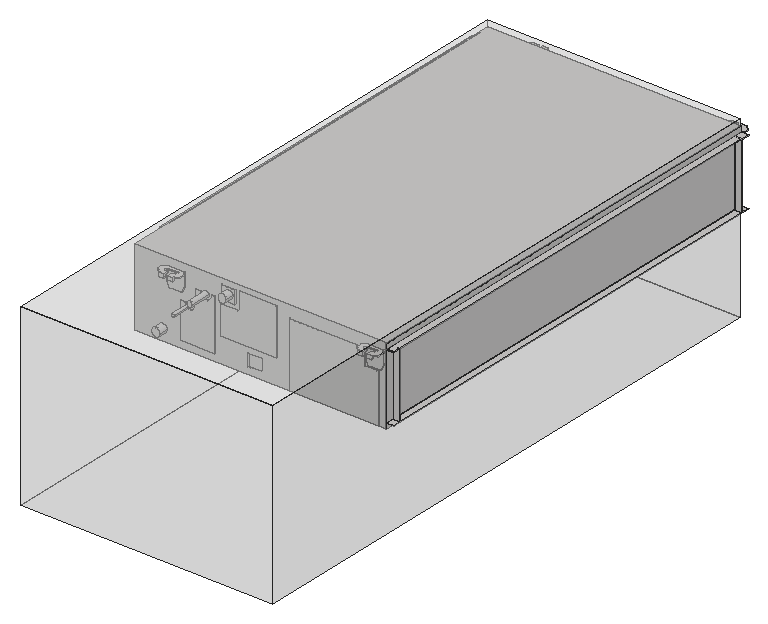
Revit family "outputfile", category 機械設備, Revit 2024
Family settings
  丸型コネクタ寸法 = 半径を使用
  パーツ タイプ = 標準
  OmniClass 番号 = 23.75.10.24.21.27.27
  OmniClass タイトル = Split System Air Conditioning Units
  作業面ベース = いいえ
  常に垂直 = はい
  ロード時にボイドで切り取り = いいえ
  注釈の向きを維持 = いいえ
  共有 = いいえ
  部屋計算ポイント = はい
Parameters (values of type "FBA100BVMA8")
  製造元 = "Daikin"
  書き出し IFC クラス(タイプ) = "IfcUnitaryEquipmentType"
  定義済み IFC タイプ(タイプ) = "AIRCONDITIONINGUNIT"
  モデル = "FBA100BVMA8"
  switch_frequency = yes
  r_Liquid Pipe Size = Liquid Pipe Size / 2  # 4.75 mm
  r_Gas Pipe Size = Gas Pipe Size / 2  # 7.95 mm
  r_Drain Pipe Size = Drain Pipe Size / 2  # 12.5 mm
  lw_power = 770.0 mm  # constant formula
  lh_SA = 138.0 mm  # constant formula
  lw_SA = if(Width = 550.0 mm, 225.0 mm, if(Width = 700.0 mm, 300.0 mm, if(Width = 1000.0 mm, 450.0 mm, if(Width = 1400.0 mm, 650.0 mm, 725.0 mm))))  # 650.0 mm
  lw_RA = if(Width = 550.0 mm, 275.0 mm, if(Width = 700.0 mm, 349.0 mm, if(Width = 1000.0 mm, 499.0 mm, if(Width = 1400.0 mm, 699.0 mm, 775.0 mm))))  # 699.0 mm
  lh_power = 60.0 mm + [h***]  # 60.0 mm
  lh_mountinghole1 = lh_mountinghole + [h***]  # 222.0 mm
  lh_RA = 123.0 mm  # constant formula
  ld_power = Width / 2  # 700.0 mm
  connector_voltage = Voltage_50Hz  # 230 V
  connector_powerinput = [Power Input (Cooling)]  # 2.790 kW
  connector_phase = Phase_50Hz  # 1
  Voltage_comment_60Hz = "220-230"
  Voltage_comment_50Hz = "220-240"
  Voltage_60Hz = 220 V
  Voltage_50Hz = 230 V
  Total Heating Capacity [instance] = 0.000 kW
  Supply Air Direction [instance] = yes
  Sound Power Level_H speed (dB) = 66
  Power Input (Heating) = 2.920 kW
  Phase_60Hz = 1
  Phase_50Hz = 1
  Nominal Heating Capacity = 12.000 kW
  Minimum External Static Pressure = 50.00 Pa
  Maximum External Static Pressure = 150.00 Pa
  Material_Casing = DAIKIN_GalvanizedSteel_Casing_indoorunit
  lw_mountinghole = 630.0 mm  # constant formula
  lh_gaspipe = 183.0 mm + [h***]  # 183.0 mm
  lh_mountinghole = 222.0 mm  # constant formula
  lh_liquidpipe = 136.0 mm + [h***]  # 136.0 mm
  lh_drainpipe = 207.0 mm + [h***]  # 207.0 mm
  lh_antena = Height - lh_mountinghole + 1.0 mm  # 24.0 mm
  ld_drainpipe = Width / 2 + 26.0 mm  # 726.0 mm
  ld_liquidpipe = Width / 2 + 69.0 mm  # 769.0 mm
  ld_gaspipe = Width / 2 + 65.0 mm  # 765.0 mm
  ld_mountinghole = Width + 38.0 mm  # 1438.0 mm
  h*** = 0.0 mm  # constant formula
  lw_liquidpipe = 179.0 mm  # constant formula
  lw_gaspipe = 229.0 mm  # constant formula
  lw_drainpipe = 300.0 mm  # constant formula
  Width = 1400.0 mm
  Version = "ver.1.0"
  Unit Type = "Duct"
  Unit Mass Weight = 47.00 kg
  Unit Designation [instance] = ""
  Uniclass2015Version = "Products v1.30"
  Uniclass2015Title = "Split coil room air conditioning units"
  Uniclass2015Code = "Pr_70_65_03_86"
  Total Cooling Capacity [instance] = 0.000 kW
  Sound Pressure Level_M speed (dBA) = 35.5
  Sound Pressure Level_L speed (dBA) = 33
  Sound Pressure Level_H speed (dBA) = 38
  Series = "SkyAir_Fan Coil Unit"
  Sensible Cooling Capacity [instance] = 0.000 kW
  SA Duct Size Width = 1192.0 mm
  SA Duct Size Height = 176.0 mm
  Refrigerant Type = "R32"
  RA Duct Size Width = 1352.0 mm
  RA Duct Size Height = 208.0 mm
  Power Input (Cooling) = 2.790 kW
  Option Accessory 3 [instance] = ""
  Option Accessory 2 [instance] = ""
  Option Accessory 1 [instance] = ""
  Nominal Cooling Capacity = 10.000 kW
  Minimum Airflow = 1350.00 m³/h
  Median Airflow = 1620.00 m³/h
  Maximum Airflow = 1920.00 m³/h
  Load Classification = HVAC
  Liquid Pipe Size = 9.5 mm
  Link_Nested Family [instance] = ""
  IfcVersion = ""
  IfcExportType = "AIRCONDITIONINGUNIT"
  IfcExportAs = "IfcUnitaryEquipmentType"
  Height = 245.0 mm
  Heating Entering Wet Bulb Temperature [instance] = -273.15 °C
  Heating Entering Dry Bulb Temperature [instance] = -273.15 °C
  Heating Ambient Wet Bulb Temperature [instance] = -273.15 °C
  Heating Ambient Dry Bulb Temperature [instance] = -273.15 °C
  Heat Exchanger Type = "Cross Fin Coil"
  Gas Pipe Size = 15.9 mm
  Frequency_60Hz = 60 Hz
  Frequency_50Hz = 50 Hz
  Fan Type = "Sirocco Fan"
  Fan Drive = "Direct Drive"
  FCU Tag No. [instance] = ""
  Drain Pipe Size = 25.0 mm
  Design Supply Airflow [instance] = 0.00 m³/h
  Design Return Airflow [instance] = 0.00 m³/h
  Design External Static Pressure [instance] = 0.00 Pa
  Depth = 800.0 mm
  既定の高さ = 0.0 mm
  Cooling Entering Wet Bulb Temperature [instance] = 0.00 °C
  Cooling Entering Dry Bulb Temperature [instance] = 0.00 °C
  Cooling Ambient Wet Bulb Temperature [instance] = 0.00 °C
  Cooling Ambient Dry Bulb Temperature [instance] = 0.00 °C
  Clearance visibility [instance] = yes
  Clearance Top = 20.0 mm
  Clearance Right = 0.0 mm
  Clearance Rear = 0.0 mm
  Clearance Left = 0.0 mm
  Clearance Front = 450.0 mm
  Clearance Bottom = 300.0 mm
Reference planes
  plane 1 "Center (Front/Back)": y = 0
  plane 2 "h": z = 0
  plane 3 "Center (Left/Right)": x = 0
  plane 4 "Back": y = 700
  plane 5 "Front": y = -700
  plane 6 "Left": x = -400
  plane 7 "Right": x = 400
  plane 8 "Top": z = 0
  plane 9 "Bottom": z = -245
  plane 10: y = -215
  plane 11: y = 700
  plane 12: y = -1150
  plane 13: x = -400
  plane 14: x = 400
  plane 15: z = 20
  plane 16: z = -545
  plane 17: x = -400
  plane 18: x = -399
  plane 19: x = 399
  plane 20: y = 50
  plane 21: y = -1
  plane 22: z = -122
  plane 23: y = -701
  plane 24: z = -109
  plane 25: x = -221
  plane 26: y = -765
  plane 27: z = -62
  plane 28: x = -171
  plane 29: y = -726
  plane 30: z = -38
  plane 31: x = -100
  plane 32: x = -100
  plane 33: x = -221
  plane 34: x = -171
  plane 35: x = 370
  plane 36: x = -266
  plane 37: x = 364
  plane 38: y = -719
  plane 39: y = 719
  plane 40: z = -23
  plane 41: z = -107
  plane 42: y = -769
  plane 43: z = -207
  plane 44: x = -309
  plane 45: y = -376
  plane 46: x = -251
  plane 47: x = -203
  plane 48: x = -144
  plane 49: z = -59
  plane 50: z = -106
  plane 51: z = -221
  plane 52: z = -109
  plane 53: x = -221
  plane 54: z = -62
  plane 55: x = -171
  plane 56: z = -17
  plane 57: z = -59
  plane 58: x = -121
  plane 59: x = -79
  plane 60: x = -125
  plane 61: x = -64
  plane 62: x = 53
  plane 63: z = -164
  plane 64: z = -73
  plane 65: z = -16
  plane 66: x = 93.5
  plane 67: x = 374.5
  plane 68: x = 330
  plane 69: z = -88.5
  plane 70: z = -38
  plane 71: z = -242.5
  plane 72: x = -38.5
  plane 73: x = 6.5
  plane 74: z = -181
  plane 75: z = -221
  plane 76: y = -699
  plane 77: x = -424
  plane 78: x = 424
Forms (mm)
  Extrusion 1, solid, material "DAIKIN_GalvanizedSteel_Casing_indoorunit" <- "Material_Casing"
    sketch origin (0, 0, 0) x (1, 0, 0) y (0, 1, 0)
      loop
        line (-399, 700) -> (-399, -700) -> (399, -700) -> (399, 700) -> (-399, 700)
    from -245 to 0
  Extrusion 2, solid, material "DAIKIN_GalvanizedSteel_Casing_indoorunit" <- "Material_Casing"
    sketch origin (0, 0, 0) x (1, 0, 0) y (0, 0, 1)
      loop
        line (-251, -221) -> (-144, -221) -> (-144, -59) -> (-154.47, -59)
        arc (-154.47, -59) -> (-171, -78.8) -> (-187.53, -59) r 16.8
        line (-187.53, -59) -> (-203, -59) -> (-203, -106) -> (-206.916, -106)
        arc (-206.916, -106) -> (-221, -123.4) -> (-235.084, -106) r 14.4
        line (-235.084, -106) -> (-251, -106) -> (-251, -221)
    from 700 to 701
  Extrusion 3, solid, material "DAIKIN_GalvanizedSteel_Casing_indoorunit" <- "Material_Casing"
    sketch origin (0, 0, 0) x (1, 0, 0) y (0, 0, 1)
      loop
        line (-121, -17) -> (-121, -59) -> (-79, -59) -> (-79, -17) -> (-121, -17)
      loop
        line (-125, -73) -> (-125, -164) -> (53, -164) -> (53, -16) -> (-64, -16) -> (-64, -73) -> (-125, -73)
    from 700 to 701
  Extrusion 4, solid, material "DAIKIN_GalvanizedSteel_Casing_indoorunit" <- "Material_Casing"
    sketch origin (0, 0, 0) x (1, 0, 0) y (0, 0, 1)
      loop
        line (93.5, -38) -> (93.5, -242.5) -> (374.5, -242.5) -> (374.5, -88.5) -> (330, -88.5) -> (330, -38) -> (93.5, -38)
    from 700 to 701
  Extrusion 5, solid, material "DAIKIN_GalvanizedSteel_Casing_indoorunit" <- "Material_Casing"
    sketch origin (0, 0, 0) x (1, 0, 0) y (0, 0, 1)
      loop
        circle (-221, -109) r 4.75
    from 700 to 769
  Extrusion 6, solid, material "DAIKIN_GalvanizedSteel_Casing_indoorunit" <- "Material_Casing"
    sketch origin (0, 0, 0) x (1, 0, 0) y (0, 0, 1)
      loop
        circle (-171, -62) r 7.95
    from 700 to 765
  Extrusion 7, solid, material "DAIKIN_GalvanizedSteel_Casing_indoorunit" <- "Material_Casing"
    sketch origin (0, 0, 0) x (1, 0, 0) y (0, 0, 1)
      loop
        circle (-100, -38) r 12.5
    from 701 to 726
  Extrusion 8, solid, material "DAIKIN_GalvanizedSteel_Casing_indoorunit" <- "Material_Casing"
    sketch origin (0, 0, 0) x (1, 0, 0) y (0, 0, 1)
      loop
        circle (-309, -207) r 13
    from 700 to 726
  Extrusion 9, void
    sketch origin (0, 0, 0) x (1, 0, 0) y (0, 0, 1)
      loop
        line (-38.5, -181) -> (-38.5, -221) -> (6.5, -221) -> (6.5, -181) -> (-38.5, -181)
    from 699 to 700
Cuts and joins
  Extrusion 9 cuts Extrusion 1
Dimensions and locks
  "Height": plane 8 "Top" to plane 9 "Bottom"
  equal spacing: plane 4 "Back", plane 1 "Center (Front/Back)", plane 5 "Front"
  "Width": plane 4 "Back" to plane 5 "Front"
  equal spacing: plane 6 "Left", plane 3 "Center (Left/Right)", plane 7 "Right"
  "Depth": plane 6 "Left" to plane 7 "Right"
  "Clearance Left": plane 13 to plane 6 "Left"
  "Clearance Right": plane 7 "Right" to plane 14
  "Clearance Rear": plane 11 to plane 4 "Back"
  "Clearance Front": plane 5 "Front" to plane 12
  "Clearance Top": plane 15 to plane 8 "Top"
  "Clearance Bottom": plane 9 "Bottom" to plane 16
  locked: plane 17 to plane 18 at 1
  locked: plane 19 to plane 14 at 1
  "lw_SA": plane 11 to plane 20
  "lw_RA": plane 21 to plane 5 "Front"
  "lh_RA": plane 22 to plane 9 "Bottom"
  locked: plane 5 "Front" to plane 23 at 1
  "lw_liquidpipe": plane 25 to plane 6 "Left"
  "lh_liquidpipe": plane 24 to plane 9 "Bottom"
  "lh_gaspipe": plane 27 to plane 9 "Bottom"
  "lw_gaspipe": plane 28 to plane 6 "Left"
  "ld_gaspipe": plane 26 to plane 1 "Center (Front/Back)"
  "ld_drainpipe": plane 29 to plane 1 "Center (Front/Back)"
  "lh_drainpipe": plane 30 to plane 9 "Bottom"
  "lw_drainpipe": plane 31 to plane 6 "Left"
  "lw_drainpipe": plane 6 "Left" to plane 32
  "lw_liquidpipe": plane 6 "Left" to plane 33
  "lw_gaspipe": plane 6 "Left" to plane 34
  "lw_power": plane 6 "Left" to plane 35
  locked: plane 17 to plane 36 at 134
  "lw_mountinghole": plane 36 to plane 37
  equal spacing: plane 38, plane 1 "Center (Front/Back)", plane 39
  "ld_mountinghole": plane 39 to plane 38
  "lh_mountinghole": plane 40 to plane 9 "Bottom"
  "lh_SA": plane 41 to plane 9 "Bottom"
  locked: plane 44 to plane 6 "Left" at 91
  locked: plane 43 to plane 9 "Bottom" at 38
  plane 48 to plane 47 to plane 46 to plane 6 "Left" = 59.0 mm, 48.0 mm, 149.0 mm
  plane 8 "Top" to plane 49 to plane 50 to plane 51 = 59.0 mm locked, 47.0 mm locked, 115.0 mm locked
  plane 55 to plane 53 to plane 6 "Left" = 50.0 mm locked, 179.0 mm locked
  plane 54 to plane 52 to plane 9 "Bottom" = 47.0 mm locked, 136.0 mm locked
  plane 59 to plane 58 to plane 6 "Left" = 42.0 mm locked, 279.0 mm locked
  plane 8 "Top" to plane 56 to plane 57 = 17.0 mm locked, 42.0 mm locked
  plane 62 to plane 61 to plane 60 to plane 6 "Left" = 117.0 mm, 61.0 mm, 275.0 mm
  plane 8 "Top" to plane 65 to plane 64 = 16.0 mm locked, 57.0 mm locked
  locked: plane 65 to plane 63 at 148
  plane 8 "Top" to plane 70 to plane 69 to plane 71 = 38.0 mm locked, 50.5 mm locked, 154.0 mm locked
  plane 67 to plane 68 to plane 66 to plane 6 "Left" = 44.5 mm locked, 236.5 mm locked, 493.5 mm locked
  plane 8 "Top" to plane 74 to plane 75 = 181.0 mm locked, 40.0 mm locked
  plane 73 to plane 72 to plane 6 "Left" = 45.0 mm, 361.5 mm
  locked: plane 76 to plane 5 "Front" at 1
  locked: plane 77 to plane 17 at 24
  locked: plane 14 to plane 78 at 24
  "ld_liquidpipe": plane 42 to plane 1 "Center (Front/Back)"
  "r_Liquid Pipe Size": radius of Extrusion 5 sketch curve
  "r_Gas Pipe Size": radius of Extrusion 6 sketch curve
  "r_Drain Pipe Size": radius of Extrusion 7 sketch curve
  aligned and locked: level to plane 2 "h"
  aligned and locked: plane 8 "Top" to Extrusion 1
  aligned and locked: Extrusion 1 to plane 9 "Bottom"
  aligned and locked: nested 5 to plane 12
  aligned and locked: plane 13 to nested 5
  aligned and locked: plane 14 to nested 5
  aligned and locked: nested 5 to plane 13
  aligned and locked: plane 11 to nested 5
  aligned and locked: plane 15 to nested 5
  aligned and locked: plane 16 to nested 5
  aligned and locked: plane 5 "Front" to Extrusion 1 sketch curve
  aligned and locked: Extrusion 1 to plane 18
  aligned and locked: plane 19 to Extrusion 1
  aligned and locked: nested 7 to plane 18
  aligned and locked: nested 7 to plane 20
  aligned and locked: plane 19 to nested 8
  aligned and locked: plane 21 to nested 8
  aligned and locked: plane 22 to nested 8
  aligned and locked: Extrusion 2 to plane 23
  aligned and locked: plane 5 "Front" to Extrusion 2
  aligned and locked: Extrusion 3 to plane 23
  aligned and locked: plane 5 "Front" to Extrusion 3
  aligned and locked: plane 5 "Front" to Extrusion 4
  aligned and locked: Extrusion 5 sketch curve to plane 25
  aligned and locked: plane 24 to Extrusion 5 sketch curve
  aligned and locked: plane 5 "Front" to Extrusion 5
  aligned and locked: Extrusion 6 sketch curve to plane 28
  aligned and locked: plane 27 to Extrusion 6 sketch curve
  aligned and locked: plane 5 "Front" to Extrusion 6
  aligned and locked: Extrusion 7 sketch curve to plane 31
  aligned and locked: Extrusion 7 sketch curve to plane 30
  aligned and locked: Extrusion 7 to plane 29
  aligned and locked: plane 23 to Extrusion 7
  aligned and locked: nested 3 to plane 29
  aligned and locked: nested 3 to plane 32
  aligned and locked: nested 2 to plane 33
  aligned and locked: nested 1 to plane 34
  aligned and locked: Extrusion 6 to plane 26
  aligned and locked: nested 1 to plane 26
  aligned and locked: nested 6 to plane 5 "Front"
  aligned and locked: nested 6 to plane 35
  aligned and locked: plane 36 to nested 10
  aligned and locked: nested 10 to plane 5 "Front"
  aligned and locked: plane 37 to nested 9
  aligned and locked: nested 9 to plane 5 "Front"
  aligned and locked: nested 11 to plane 36
  aligned and locked: plane 4 "Back" to nested 11
  aligned and locked: nested 12 to plane 37
  aligned and locked: plane 4 "Back" to nested 12
  aligned and locked: plane 40 to nested 10
  aligned and locked: plane 40 to nested 11
  aligned and locked: plane 40 to nested 9
  aligned and locked: plane 40 to nested 12
  aligned and locked: plane 36 to nested 14
  aligned and locked: nested 14 to plane 39
  aligned and locked: plane 37 to nested 13
  aligned and locked: nested 13 to plane 39
  aligned and locked: plane 37 to nested 16
  aligned and locked: plane 38 to nested 16
  aligned and locked: plane 38 to nested 15
  aligned and locked: plane 36 to nested 15
  aligned and locked: plane 17 to plane 6 "Left"
  aligned and locked: plane 41 to nested 7
  aligned and locked: Extrusion 5 to plane 42
  aligned and locked: nested 2 to plane 42
  aligned and locked: Extrusion 8 sketch curve to plane 44
  aligned and locked: plane 43 to Extrusion 8 sketch curve
  aligned and locked: plane 5 "Front" to Extrusion 8
  aligned and locked: Extrusion 3 sketch curve to plane 56
  aligned and locked: Extrusion 3 sketch curve to plane 58
  aligned and locked: plane 57 to Extrusion 3 sketch curve
  aligned and locked: plane 59 to Extrusion 3 sketch curve
  aligned and locked: Extrusion 4 to plane 23
  aligned and locked: Extrusion 9 sketch curve to plane 74
  aligned and locked: plane 75 to Extrusion 9 sketch curve
  aligned and locked: plane 73 to Extrusion 9 sketch curve
  aligned and locked: plane 5 "Front" to Extrusion 9
  aligned and locked: plane 76 to Extrusion 9
  aligned and locked: nested 17 to plane 20
  aligned and locked: nested 17 to plane 77
  aligned and locked: plane 21 to nested 18
  aligned and locked: plane 78 to nested 18
  aligned and locked: plane 41 to nested 17
  aligned and locked: nested 18 to plane 22
  aligned and locked: nested 4 to plane 3 "Center (Left/Right)"
  aligned and locked: plane 1 "Center (Front/Back)" to nested 4
  aligned and locked: level to plane 8 "Top"
  aligned and locked: Extrusion 8 to plane 29
Automatic sketch dimensions
  plane 6 "Left" to Extrusion 1 sketch curve = 1.0 mm
  Extrusion 1 sketch curve to plane 7 "Right" = 1.0 mm
  Extrusion 1 sketch curve to plane 4 "Back" = 0.0 mm
  Extrusion 2 sketch curve to plane 46 = 0.0 mm
  Extrusion 2 sketch curve to plane 33 = 0.0 mm
  Extrusion 2 sketch curve to plane 47 = 0.0 mm
  Extrusion 2 sketch curve to plane 34 = 0.0 mm
  Extrusion 2 sketch curve to plane 48 = 0.0 mm
  Extrusion 2 sketch curve to plane 51 = 0.0 mm
  Extrusion 2 sketch curve to plane 52 = 0.0 mm
  Extrusion 2 sketch curve to plane 50 = 0.0 mm  (x3)
  Extrusion 2 sketch curve to plane 54 = 0.0 mm
  Extrusion 2 sketch curve to plane 49 = 0.0 mm  (x3)
  plane 33 to Extrusion 2 sketch curve = 14.084 mm
  plane 34 to Extrusion 2 sketch curve = 16.53 mm
  Extrusion 3 sketch curve to plane 60 = 0.0 mm
  Extrusion 3 sketch curve to plane 61 = 0.0 mm
  Extrusion 3 sketch curve to plane 62 = 0.0 mm
  Extrusion 3 sketch curve to plane 63 = 0.0 mm
  Extrusion 3 sketch curve to plane 64 = 0.0 mm
  Extrusion 3 sketch curve to plane 65 = 0.0 mm
  Extrusion 4 sketch curve to plane 66 = 0.0 mm
  Extrusion 4 sketch curve to plane 68 = 0.0 mm
  Extrusion 4 sketch curve to plane 67 = 0.0 mm
  Extrusion 4 sketch curve to plane 71 = 0.0 mm
  Extrusion 4 sketch curve to plane 69 = 0.0 mm
  Extrusion 4 sketch curve to plane 70 = 0.0 mm
  Extrusion 9 sketch curve to plane 72 = 0.0 mm
  radius of Extrusion 8 sketch curve = 13.0 mm
Nested families
  nested 1: "daikin_connector_rotate2" at (-171, 0, -62), length <- "ld_gaspipe", built-in parameter 1001364 <- "lh_gaspipe", radius <- "r_Gas Pipe Size", type "daikin_connector_rotate2"
    with radius 7.95 mm, length 765.0 mm, angle_vertical 90.00°
  nested 2: "daikin_connector_rotate2" at (-221, 0, -109), length <- "ld_liquidpipe", built-in parameter 1001364 <- "lh_liquidpipe", radius <- "r_Liquid Pipe Size", type "daikin_connector_rotate2"
    with radius 4.75 mm, length 769.0 mm, angle_vertical 90.00°
  nested 3: "daikin_connector_rotate2" at (-100, 0, -38), length <- "ld_drainpipe", built-in parameter 1001364 <- "lh_drainpipe", radius <- "r_Drain Pipe Size", type "daikin_connector_rotate2"
    with radius 12.5 mm, length 726.0 mm, angle_vertical 90.00°
  nested 4: "daikin_△_symbolicline" at (0, 0, 245) x (0, -1, 0) z (0, 0, 1), built-in parameter 1001364 <- "Height", visible <- "Supply Air Direction", type "daikin_△_symbolicline"
    with length 200.0 mm
  nested 5: "daikin_clearancespace" at (0, -225, -262.381), visible <- "Clearance visibility", show <- "Clearance visibility", Link_Nested Family <- "Link_Nested Family", type "daikin_clearancespace"
    with width 800.0 mm, show yes, height 565.0 mm, depth 1850.0 mm, Link_Nested Family ""
  nested 6: "daikin_connector_rotate2" at (370, 0, -185), built-in parameter 1001364 <- "lh_power", length <- "ld_power", type "daikin_connector_rotate2"
    with radius 10.0 mm, length 700.0 mm, angle_vertical 90.00°
  nested 7: "daikin_ductflange_FBA-BVMA8_2" at (-399, 50, -107) x (0, -1, 0) z (0, 0, 1), type "daikin_ductflange_FBA-BVMA8_2"
  nested 8: "daikin_ductflange_FBA-BVMA8" at (399, -1, -122) x (0, 1, 0) z (0, 0, 1), type "daikin_ductflange_FBA-BVMA8"
    with width 1352.0 mm, lw 25.0 mm, w 1400.0 mm
  nested 9: "daikin_hangerfixture_FBA-BVMA8" at (364, -700, -23), type "daikin_hangerfixture_FBA-BVMA8"
  nested 10: "daikin_hangerfixture_FBA-BVMA8" at (-266, -700, -23), type "daikin_hangerfixture_FBA-BVMA8"
  nested 11: "daikin_hangerfixture_FBA-BVMA8" at (-266, 700, -23) x (-1, 0, 0) z (0, 0, 1), type "daikin_hangerfixture_FBA-BVMA8"
  nested 12: "daikin_hangerfixture_FBA-BVMA8" at (364, 700, -23) x (-1, 0, 0) z (0, 0, 1), type "daikin_hangerfixture_FBA-BVMA8"
  nested 13: "daikin_mountinghole" at (364, 719, -245), h_mountinghole <- "lh_mountinghole1", l_antenna <- "lh_antena", Link_Nested Family <- "Link_Nested Family", type "daikin_mountinghole"
    with show yes, l_antenna 24.0 mm, h_mountinghole 222.0 mm, Link_Nested Family ""
  nested 14: "daikin_mountinghole" at (-266, 719, -245), h_mountinghole <- "lh_mountinghole1", l_antenna <- "lh_antena", Link_Nested Family <- "Link_Nested Family", type "daikin_mountinghole"
    with show yes, l_antenna 24.0 mm, h_mountinghole 222.0 mm, Link_Nested Family ""
  nested 15: "daikin_mountinghole" at (-266, -719, -245), h_mountinghole <- "lh_mountinghole1", l_antenna <- "lh_antena", Link_Nested Family <- "Link_Nested Family", type "daikin_mountinghole"
    with show yes, l_antenna 24.0 mm, h_mountinghole 222.0 mm, Link_Nested Family ""
  nested 16: "daikin_mountinghole" at (364, -719, -245), h_mountinghole <- "lh_mountinghole1", l_antenna <- "lh_antena", Link_Nested Family <- "Link_Nested Family", type "daikin_mountinghole"
    with show yes, l_antenna 24.0 mm, h_mountinghole 222.0 mm, Link_Nested Family ""
  nested 17: "daikin_connector_rotate2" at (-400, 50, -107) x (0, -1, 0) z (0, 0, 1), type "daikin_connector_rotate2"
    with radius 10.0 mm, length 24.0 mm, angle_vertical 90.00°
  nested 18: "daikin_connector_rotate2" at (400, -1, -122) x (0, 1, 0) z (0, 0, 1), type "daikin_connector_rotate2"
    with radius 10.0 mm, length 24.0 mm, angle_vertical 90.00°
Connectors
  piping at (-100, -726, -38), diameter 25, driven by "r_Drain Pipe Size"
    settings: on nested 3, index 3, connector inside diameter 609.6 mm, connector length 0.0 mm, flow factor 0, pipe flow 0.00 m³/h, pressure drop 0.0 Pa, fitting loss kfactor 0, connector angle 0.00°, fixture units 0, engagement length 0.0 mm, angle of deflection 0.00°, flow configuration 1, flow direction 2, fitting loss method 4, system type 16, joint type 0, gender type 0, connector reference index -1, connector utility 0, adjustable connector no, is connector primary yes, connector description "Condensate Drain Piping"
  piping at (-171, -765, -62), diameter 15.9, driven by "r_Gas Pipe Size"
    settings: on nested 1, index 4, connector inside diameter 609.6 mm, connector length 0.0 mm, flow factor 0, pipe flow 0.00 m³/h, pressure drop 0.0 Pa, fitting loss kfactor 0, connector angle 0.00°, fixture units 0, engagement length 0.0 mm, angle of deflection 0.00°, flow configuration 1, flow direction 2, fitting loss method 0, system type 29, joint type 0, gender type 0, connector reference index -1, connector utility 0, adjustable connector no, is connector primary no, connector description "Refrigerant Gas Piping"
  piping at (-221, -769, -109), diameter 9.5, driven by "r_Liquid Pipe Size"
    settings: on nested 2, index 5, connector inside diameter 609.6 mm, connector length 0.0 mm, flow factor 0, pipe flow 0.00 m³/h, pressure drop 0.0 Pa, fitting loss kfactor 0, connector angle 0.00°, fixture units 0, engagement length 0.0 mm, angle of deflection 0.00°, flow configuration 1, flow direction 1, fitting loss method 0, system type 29, joint type 0, gender type 0, connector reference index -1, connector utility 0, adjustable connector no, is connector primary no, connector description "Refrigerant Liquid Piping"
  electrical at (370, -700, -185), driven by "Load Classification", driven by "connector_voltage", driven by "connector_phase", driven by "connector_powerinput"
    settings: on nested 6, index 6, voltage 230 V, apparent load 2790 VA, apparent load phase1 0 VA, apparent load phase2 0 VA, apparent load phase3 0 VA, power factor 1, load classification "HVAC", number of poles 1, system type 30, power factor state 1, is connector primary yes, connector utility no, sub classification motor no, connector description "Power Supply"
  hvac at (-424, 50, -107), driven by "SA Duct Size Height", driven by "SA Duct Size Width"
    settings: on nested 17, index 7, duct flow 0.00 m³/h, flow factor 0, pres drop 0.00 Pa, loss coef 0, conn angle 0.00°, conn width 1192.0 mm, conn height 176.0 mm, conn diameter 609.6 mm, duct sys type 1, conn prof type 1, flow config 0, flow direction 2, loss method 4, conn ref index -1, conn util no, is conn primary yes, conn desc "SA Duct"
  hvac at (424, -1, -122), driven by "RA Duct Size Height", driven by "RA Duct Size Width"
    settings: on nested 18, index 8, duct flow 0.00 m³/h, flow factor 0, pres drop 0.00 Pa, loss coef 0, conn angle 0.00°, conn width 1352.0 mm, conn height 208.0 mm, conn diameter 609.6 mm, duct sys type 2, conn prof type 1, flow config 0, flow direction 1, loss method 4, conn ref index -1, conn util no, is conn primary no, conn desc "RA Duct"
Definition of nested family "daikin_clearancespace"
  Parameters (values of type "daikin_clearancespace")
    Description = "daikin_clearancespace"
    width [instance] = 1823.963 mm
    show [instance] = yes
    material = none
    height [instance] = 1359.762 mm
    depth [instance] = 880.0 mm
    Default Elevation = 0.0 mm
    Link_Nested Family [instance] = ""
  Reference planes
    plane 1 "Center (Front/Back)": y = 0
    plane 2 "Center (Elevation)": z = -0.119
    plane 3 "Center (Left/Right)": x = 0
    plane 4: y = 440
    plane 5: y = -440
    plane 6 "Right": x = 911.982
    plane 7 "Left": x = -911.982
    plane 8 "Top": z = 679.762
    plane 9 "Bottom": z = -680
  Forms (mm)
    Extrusion 1, solid, material <- "material", visible <- "show"
      sketch origin (0, 0, 0) x (1, 0, 0) y (0, 1, 0)
        loop
          line (-911.982, 440) -> (-911.982, -440) -> (911.982, -440) -> (911.982, 440) -> (-911.982, 440)
      from -680 to 679.762
  Lines and regions (mm)
    symbolic lines, visible <- "show"
      curve 1: line (911.982, 440, 0) -> (-911.982, 440, 0)
      curve 2: line (-911.982, 440, 0) -> (-911.982, -440, 0)
      curve 3: line (-911.982, -440, 0) -> (911.982, -440, 0)
      curve 4: line (911.982, -440, 0) -> (911.982, 440, 0)
      curve 5: line (911.982, 0, 679.762) -> (-911.982, 0, 679.762)
      curve 6: line (911.982, 0, -680) -> (911.982, 0, 679.762)
      curve 7: line (-911.982, 0, -680) -> (911.982, 0, -680)
      curve 8: line (-911.982, 0, 679.762) -> (-911.982, 0, -680)
      curve 9: line (0, 440, 679.762) -> (0, -440, 679.762)
      curve 10: line (0, -440, 679.762) -> (0, -440, -680)
      curve 11: line (0, 440, -680) -> (0, 440, 679.762)
      curve 12: line (0, -440, -680) -> (0, 440, -680)
  Dimensions and locks
    "width": plane 7 "Left" to plane 6 "Right"
    "depth": plane 4 to plane 5
    "height": plane 8 "Top" to plane 9 "Bottom"
    equal spacing: plane 7 "Left", plane 3 "Center (Left/Right)", plane 6 "Right"
    equal spacing: plane 4, plane 1 "Center (Front/Back)", plane 5
    equal spacing: plane 8 "Top", plane 2 "Center (Elevation)", plane 9 "Bottom"
    aligned and locked: level to plane 2 "Center (Elevation)"
    aligned and locked: Extrusion 1 sketch curve to plane 4
    aligned and locked: plane 7 "Left" to Extrusion 1 sketch curve
    aligned and locked: Extrusion 1 sketch curve to plane 5
    aligned and locked: Extrusion 1 sketch curve to plane 6 "Right"
    aligned and locked: plane 8 "Top" to Extrusion 1
    aligned and locked: curve 1 to Extrusion 1
    aligned and locked: curve 2 to Extrusion 1
    aligned and locked: curve 3 to Extrusion 1
    aligned and locked: curve 4 to Extrusion 1
    aligned and locked: curve 5 to Extrusion 1
    aligned and locked: curve 6 to Extrusion 1
    aligned and locked: curve 7 to Extrusion 1
    aligned and locked: curve 8 to Extrusion 1
    aligned and locked: curve 9 to Extrusion 1
    aligned and locked: curve 10 to Extrusion 1
    aligned and locked: curve 11 to Extrusion 1
    aligned and locked: curve 12 to Extrusion 1
    aligned and locked: Extrusion 1 to plane 9 "Bottom"
Definition of nested family "daikin_ductflange_FBA-BVMA8_2"
  Parameters (values of type "daikin_ductflange_FBFC-DVMG2")
    width = if(w = 550.0 mm, 337.0 mm, if(w = 700.0 mm, 492.0 mm, if(w = 1000.0 mm, 792.0 mm, if(w = 1400.0 mm, 1192.0 mm, 1337.0 mm))))  # 1192.0 mm
    material = none
    height = 215.0 mm
    depth = 1.0 mm
    w = 1400.0 mm
    Default Elevation = 0.0 mm
  Reference planes
    plane 1 "Center (Front/Back)": y = 0
    plane 2: z = 0
    plane 3 "Center (Left/Right)": x = 0
    plane 4: z = 88
    plane 5: z = -88
    plane 6: y = -25
    plane 7: z = 106
    plane 8: z = 89
    plane 9: y = -1
    plane 10: x = -617.5
    plane 11: x = 617.5
    plane 12: z = -106
    plane 13: z = -89
    plane 14: y = -1
    plane 15: x = 596
    plane 16: x = -596
    plane 17: x = 597
    plane 18: z = 87
    plane 19: z = -87
    plane 20: x = -597
    plane 21: z = 87
    plane 22: z = -87
    plane 23: y = -1
  Forms (mm)
    Extrusion 1, solid, material <- "material"
      sketch origin (0, 0, 0) x (0, 1, 0) y (0, 0, 1)
        loop
          line (-25, 88) -> (0, 88) -> (0, 106) -> (-1, 106) -> (-1, 89) -> (-25, 89) -> (-25, 88)
      from -617.5 to 617.5
    Extrusion 2, solid, material <- "material"
      sketch origin (0, 0, 0) x (0, 1, 0) y (0, 0, 1)
        loop
          line (-25, -88) -> (-25, -89) -> (-1, -89) -> (-1, -106) -> (0, -106) -> (0, -88) -> (-25, -88)
      from -617.5 to 617.5
    Extrusion 3, solid, material <- "material"
      sketch origin (0, 0, 0) x (1, 0, 0) y (0, 0, 1)
        loop
          line (596, 88) -> (596, -88) -> (617.5, -88) -> (617.5, -87) -> (597, -87) -> (597, 87) -> (617.5, 87) -> (617.5, 88) -> (596, 88)
      from 0 to 25
    Extrusion 4, solid, material <- "material"
      sketch origin (0, 0, 0) x (1, 0, 0) y (0, 0, 1)
        loop
          line (-617.5, 88) -> (-617.5, 87) -> (-597, 87) -> (-597, -87) -> (-617.5, -87) -> (-617.5, -88) -> (-596, -88) -> (-596, 88) -> (-617.5, 88)
      from 0 to 25
    Extrusion 5, solid, material <- "material"
      sketch origin (0, 0, 0) x (1, 0, 0) y (0, 0, 1)
        loop
          line (-617.5, 88) -> (-617.5, -88) -> (-596, -88) -> (-596, 88) -> (-617.5, 88)
        loop
          line (617.5, 88) -> (596, 88) -> (596, -88) -> (617.5, -88) -> (617.5, 88)
      from 0 to 1
  Cuts and joins
    joined: Extrusion 1, Extrusion 2, Extrusion 3, Extrusion 4, Extrusion 5
  Dimensions and locks
    plane 4 to level to plane 5 = 88.0 mm, 88.0 mm
    locked: plane 6 to plane 1 "Center (Front/Back)" at 25
    locked: plane 9 to plane 1 "Center (Front/Back)" at 1
    locked: plane 8 to plane 4 at 1
    locked: plane 16 to plane 10 at 21.5
    locked: plane 17 to plane 15 at 1
    locked: plane 4 to plane 18 at 1
    locked: plane 19 to plane 5 at 1
    "width": plane 15 to plane 16
    plane 4 to plane 5 = 176.0 mm
    locked: plane 16 to plane 20 at 1
    locked: plane 4 to plane 21 at 1
    locked: plane 22 to plane 5 at 1
    locked: plane 23 to plane 1 "Center (Front/Back)" at 1
    plane 4 to level to plane 5 = 88.0 mm locked, 88.0 mm locked
    locked: plane 5 to plane 13 at 1
    locked: plane 5 to plane 12 at 18
    locked: plane 7 to plane 4 at 18
    equal spacing: plane 15, plane 3 "Center (Left/Right)", plane 16
    locked: plane 11 to plane 15 at 21.5
    plane 11 to plane 10 = 1235.0 mm
    aligned and locked: level to plane 2
    aligned and locked: Extrusion 1 to plane 10
    aligned and locked: plane 11 to Extrusion 1
    aligned and locked: plane 5 to Extrusion 2
    aligned and locked: Extrusion 2 to plane 1 "Center (Front/Back)"
    aligned and locked: plane 15 to Extrusion 3 sketch curve
    aligned and locked: Extrusion 3 sketch curve to Extrusion 2  (x2)
    aligned and locked: Extrusion 3 sketch curve to plane 11
    aligned and locked: plane 6 to Extrusion 3
    aligned and locked: Extrusion 2 to plane 10
    aligned and locked: plane 11 to Extrusion 2
    aligned and locked: Extrusion 4 sketch curve to Extrusion 1  (x2)
    aligned and locked: plane 5 to Extrusion 4 sketch curve
    aligned and locked: Extrusion 4 sketch curve to plane 16
    aligned and locked: Extrusion 4 sketch curve to plane 22
    aligned and locked: plane 20 to Extrusion 4 sketch curve
    aligned and locked: plane 21 to Extrusion 4 sketch curve
    aligned and locked: Extrusion 4 to plane 1 "Center (Front/Back)"
    aligned and locked: plane 6 to Extrusion 4
    aligned and locked: Extrusion 5 sketch curve to Extrusion 1  (x4)
    aligned and locked: Extrusion 5 sketch curve to Extrusion 4  (x2)
    aligned and locked: Extrusion 5 sketch curve to Extrusion 3  (x2)
    aligned and locked: Extrusion 5 to plane 1 "Center (Front/Back)"
    aligned and locked: plane 23 to Extrusion 5
  Automatic sketch dimensions
    Extrusion 1 sketch curve to plane 6 = 0.0 mm
    Extrusion 1 sketch curve to plane 7 = 0.0 mm
    Extrusion 1 sketch curve to plane 9 = 0.0 mm
    Extrusion 1 sketch curve to plane 1 "Center (Front/Back)" = 0.0 mm
    Extrusion 1 sketch curve to plane 4 = 0.0 mm
    Extrusion 1 sketch curve to plane 8 = 0.0 mm
    Extrusion 2 sketch curve to plane 6 = 0.0 mm
    plane 12 to Extrusion 2 sketch curve = 0.0 mm
    Extrusion 2 sketch curve to plane 14 = 0.0 mm
    Extrusion 2 sketch curve to plane 1 "Center (Front/Back)" = 0.0 mm
    plane 13 to Extrusion 2 sketch curve = 0.0 mm
    Extrusion 2 sketch curve to plane 5 = 0.0 mm
    Extrusion 3 sketch curve to plane 17 = 0.0 mm
    Extrusion 3 sketch curve to plane 19 = 0.0 mm
    Extrusion 3 sketch curve to plane 18 = 0.0 mm
    Extrusion 3 sketch curve to plane 4 = 0.0 mm
    Extrusion 4 sketch curve to plane 10 = 0.0 mm
Definition of nested family "daikin_ductflange_FBA-BVMA8"
  Parameters (values of type "daikin_ductflange_FBFC-DVMG")
    width = if(w = 550.0 mm, 502.0 mm, if(w = 700.0 mm, 654.0 mm, if(w = 1000.0 mm, 952.0 mm, if(w = 1400.0 mm, 1352.0 mm, 1502.0 mm))))  # 654.0 mm
    material = none
    lw = if(width = 654.0 mm, 23.0 mm, 25.0 mm)  # 23.0 mm
    height = 208.0 mm
    depth = 1.0 mm
    w = 700.0 mm
    Default Elevation = 0.0 mm
  Reference planes
    plane 1 "Center (Front/Back)": y = 0
    plane 2: z = 0
    plane 3 "Center (Left/Right)": x = 0
    plane 4: z = 104
    plane 5: z = -104
    plane 6: y = -25
    plane 7: z = 121
    plane 8: z = 105
    plane 9: y = -1
    plane 10: x = -350
    plane 11: x = 350
    plane 12: z = -122
    plane 13: z = -105
    plane 14: y = -1
    plane 15: x = 327
    plane 16: x = -327
    plane 17: x = 328
    plane 18: z = 103
    plane 19: z = -103
    plane 20: x = -328
    plane 21: z = 103
    plane 22: z = -103
    plane 23: y = -1
  Forms (mm)
    Extrusion 1, solid, material <- "material"
      sketch origin (0, 0, 0) x (0, 1, 0) y (0, 0, 1)
        loop
          line (-25, 104) -> (0, 104) -> (0, 121) -> (-1, 121) -> (-1, 105) -> (-25, 105) -> (-25, 104)
      from -350 to 350
    Extrusion 2, solid, material <- "material"
      sketch origin (0, 0, 0) x (0, 1, 0) y (0, 0, 1)
        loop
          line (-25, -104) -> (-25, -105) -> (-1, -105) -> (-1, -122) -> (0, -122) -> (0, -104) -> (-25, -104)
      from -350 to 350
    Extrusion 3, solid, material <- "material"
      sketch origin (0, 0, 0) x (1, 0, 0) y (0, 0, 1)
        loop
          line (327, 104) -> (327, -104) -> (350, -104) -> (350, -103) -> (328, -103) -> (328, 103) -> (350, 103) -> (350, 104) -> (327, 104)
      from 0 to 25
    Extrusion 4, solid, material <- "material"
      sketch origin (0, 0, 0) x (1, 0, 0) y (0, 0, 1)
        loop
          line (-350, 104) -> (-350, 103) -> (-328, 103) -> (-328, -103) -> (-350, -103) -> (-350, -104) -> (-327, -104) -> (-327, 104) -> (-350, 104)
      from 0 to 25
    Extrusion 5, solid, material <- "material"
      sketch origin (0, 0, 0) x (1, 0, 0) y (0, 0, 1)
        loop
          line (-350, 104) -> (-350, -104) -> (-327, -104) -> (-327, 104) -> (-350, 104)
        loop
          line (350, 104) -> (327, 104) -> (327, -104) -> (350, -104) -> (350, 104)
      from 0 to 1
  Cuts and joins
    joined: Extrusion 1, Extrusion 2, Extrusion 3, Extrusion 4, Extrusion 5
  Dimensions and locks
    plane 4 to level to plane 5 = 104.0 mm, 104.0 mm
    locked: plane 6 to plane 1 "Center (Front/Back)" at 25
    locked: plane 9 to plane 1 "Center (Front/Back)" at 1
    locked: plane 8 to plane 4 at 1
    "lw": plane 11 to plane 15
    "lw": plane 16 to plane 10
    locked: plane 17 to plane 15 at 1
    locked: plane 4 to plane 18 at 1
    locked: plane 19 to plane 5 at 1
    "width": plane 15 to plane 16
    equal spacing: plane 15, plane 3 "Center (Left/Right)", plane 16
    locked: plane 16 to plane 20 at 1
    locked: plane 4 to plane 21 at 1
    locked: plane 22 to plane 5 at 1
    locked: plane 23 to plane 1 "Center (Front/Back)" at 1
    locked: plane 7 to plane 4 at 17
    locked: plane 1 "Center (Front/Back)" to plane 14 at 1
    locked: plane 5 to plane 13 at 1
    "height": plane 4 to plane 5
    plane 11 to plane 10 = 700.0 mm
    locked: plane 12 to plane 13 at 17
    equal spacing: plane 4, level, plane 5
    aligned and locked: level to plane 2
    aligned and locked: Extrusion 1 to plane 10
    aligned and locked: plane 11 to Extrusion 1
    aligned and locked: plane 5 to Extrusion 2
    aligned and locked: Extrusion 2 to plane 1 "Center (Front/Back)"
    aligned and locked: plane 15 to Extrusion 3 sketch curve
    aligned and locked: Extrusion 3 sketch curve to Extrusion 2  (x2)
    aligned and locked: Extrusion 3 sketch curve to plane 11
    aligned and locked: plane 6 to Extrusion 3
    aligned and locked: Extrusion 2 to plane 10
    aligned and locked: plane 11 to Extrusion 2
    aligned and locked: Extrusion 4 sketch curve to Extrusion 1  (x2)
    aligned and locked: plane 5 to Extrusion 4 sketch curve
    aligned and locked: Extrusion 4 sketch curve to plane 16
    aligned and locked: Extrusion 4 sketch curve to plane 22
    aligned and locked: plane 20 to Extrusion 4 sketch curve
    aligned and locked: plane 21 to Extrusion 4 sketch curve
    aligned and locked: Extrusion 4 to plane 1 "Center (Front/Back)"
    aligned and locked: plane 6 to Extrusion 4
    aligned and locked: Extrusion 5 sketch curve to Extrusion 1  (x4)
    aligned and locked: Extrusion 5 sketch curve to Extrusion 4  (x2)
    aligned and locked: Extrusion 5 sketch curve to Extrusion 3  (x2)
    aligned and locked: Extrusion 5 to plane 1 "Center (Front/Back)"
    aligned and locked: plane 23 to Extrusion 5
  Automatic sketch dimensions
    Extrusion 1 sketch curve to plane 6 = 0.0 mm
    Extrusion 1 sketch curve to plane 7 = 0.0 mm
    Extrusion 1 sketch curve to plane 9 = 0.0 mm
    Extrusion 1 sketch curve to plane 1 "Center (Front/Back)" = 0.0 mm
    Extrusion 1 sketch curve to plane 4 = 0.0 mm
    Extrusion 1 sketch curve to plane 8 = 0.0 mm
    Extrusion 2 sketch curve to plane 6 = 0.0 mm
    plane 12 to Extrusion 2 sketch curve = 0.0 mm
    Extrusion 2 sketch curve to plane 14 = 0.0 mm
    Extrusion 2 sketch curve to plane 1 "Center (Front/Back)" = 0.0 mm
    plane 13 to Extrusion 2 sketch curve = 0.0 mm
    Extrusion 2 sketch curve to plane 5 = 0.0 mm
    Extrusion 3 sketch curve to plane 17 = 0.0 mm
    Extrusion 3 sketch curve to plane 19 = 0.0 mm
    Extrusion 3 sketch curve to plane 18 = 0.0 mm
    Extrusion 3 sketch curve to plane 4 = 0.0 mm
    Extrusion 4 sketch curve to plane 10 = 0.0 mm
Definition of nested family "daikin_hangerfixture_FBA-BVMA8"
  Parameters (values of type "daikin_hangerfixture_FXMQ-PAVE")
    width = 72.0 mm
    material = none
    height = 60.0 mm
    depth = 41.0 mm
    Default Elevation = 0.0 mm
  Reference planes
    plane 1 "Center (Front/Back)": y = 0
    plane 2: z = 0
    plane 3 "Center (Left/Right)": x = 0
    plane 4: y = 417.146
    plane 5: y = -41
    plane 6: x = -36
    plane 7: x = 36
    plane 8: z = -2.3
    plane 9: z = -60
    plane 10: y = -2.3
    plane 11: z = -12
    plane 12: y = -38.7
  Forms (mm)
    Extrusion 1, solid, material <- "material"
      sketch origin (0, 0, 0) x (1, 0, 0) y (0, 1, 0)
        loop
          line (-28, 0) -> (-28, -5)
          arc (-28, -5) -> (-29.127, -8.162) -> (-32, -9.899) r 5
          arc (-32, -9.899) -> (-34.873, -11.636) -> (-36, -14.798) r 5
          line (-36, -14.798) -> (-36, -27.178)
          arc (-36, -27.178) -> (-35.429, -29.499) -> (-33.846, -31.289) r 5
          line (-33.846, -31.289) -> (-23, -38.798) -> (-23, -41.098) -> (-6.5, -41.098) -> (-6.5, -28.498)
          arc (-6.5, -28.498) -> (-7.379, -26.377) -> (-9.5, -25.498) r 3
          line (-9.5, -25.498) -> (-13.5, -25.498)
          arc (-13.5, -25.498) -> (-20, -18.998) -> (-13.5, -12.498) r 6.5
          line (-13.5, -12.498) -> (13.5, -12.498)
          arc (13.5, -12.498) -> (20, -18.998) -> (13.5, -25.498) r 6.5
          line (13.5, -25.498) -> (9.5, -25.498)
          arc (9.5, -25.498) -> (7.379, -26.377) -> (6.5, -28.498) r 3
          line (6.5, -28.498) -> (6.5, -41.098) -> (23, -41.098) -> (23, -38.798) -> (33.846, -31.289)
          arc (33.846, -31.289) -> (35.429, -29.499) -> (36, -27.178) r 5
          line (36, -27.178) -> (36, -14.596)
          arc (36, -14.596) -> (34.873, -11.434) -> (32, -9.697) r 5
          arc (32, -9.697) -> (29.127, -7.96) -> (28, -4.798) r 5
          line (28, -4.798) -> (28, 0) -> (-28, 0)
      from 0 to -2.3
    Extrusion 2, solid, material <- "material"
      sketch origin (0, 0, 0) x (1, 0, 0) y (0, 0, 1)
        loop
          line (28, -39.037) -> (28, 0) -> (-28, 0) -> (-28, -39.037)
          arc (-28, -39.037) -> (-27.91, -39.983) -> (-27.642, -40.894) r 5
          line (-27.642, -40.894) -> (-21.257, -56.857)
          arc (-21.257, -56.857) -> (-19.418, -59.14) -> (-16.615, -60) r 5
          line (-16.615, -60) -> (16.615, -60)
          arc (16.615, -60) -> (19.418, -59.14) -> (21.257, -56.857) r 5
          line (21.257, -56.857) -> (27.642, -40.894)
          arc (27.642, -40.894) -> (27.91, -39.983) -> (28, -39.037) r 5
      from 0 to 2.3
    Extrusion 3, solid, material <- "material"
      sketch origin (0, 0, 0) x (1, 0, 0) y (0, 0, 1)
        loop
          line (-23, 0) -> (-23, -9)
          arc (-23, -9) -> (-22.121, -11.121) -> (-20, -12) r 3
          line (-20, -12) -> (-9.5, -12)
          arc (-9.5, -12) -> (-7.379, -11.121) -> (-6.5, -9) r 3
          line (-6.5, -9) -> (-6.5, 0) -> (-23, 0)
        loop
          line (23, 0) -> (6.5, 0) -> (6.5, -9)
          arc (6.5, -9) -> (7.379, -11.121) -> (9.5, -12) r 3
          line (9.5, -12) -> (20, -12)
          arc (20, -12) -> (22.121, -11.121) -> (23, -9) r 3
          line (23, -9) -> (23, 0)
      from 38.8 to 41.098
  Cuts and joins
    joined: Extrusion 1, Extrusion 2, Extrusion 3
  Dimensions and locks
    plane 2 to plane 8 = 2.3 mm
    "height": plane 2 to plane 9
    locked: plane 10 to plane 1 "Center (Front/Back)" at 2.3
    locked: plane 2 to plane 11 at 12
    locked: plane 12 to plane 5 at 2.3
    aligned and locked: level to plane 2
    aligned and locked: Extrusion 1 to plane 8
    aligned and locked: plane 2 to Extrusion 1
    aligned and locked: plane 2 to Extrusion 2 sketch curve
    aligned and locked: Extrusion 2 to plane 10
    aligned and locked: Extrusion 2 to plane 1 "Center (Front/Back)"
    aligned and locked: Extrusion 3 sketch curve to cut or joined group of Extrusion 1, Extrusion 2, Extrusion 3  (x3)
    aligned and locked: cut or joined group of Extrusion 1, Extrusion 2, Extrusion 3 to Extrusion 3
  Automatic sketch dimensions
    Extrusion 2 sketch curve to plane 7 = 8.0 mm
    Extrusion 2 sketch curve to plane 8 = 36.737 mm
    plane 6 to Extrusion 2 sketch curve = 19.385 mm
    Extrusion 1 sketch curve to plane 6 = 0.0 mm
    plane 1 "Center (Front/Back)" to Extrusion 1 sketch curve = 0.0 mm
    Extrusion 1 sketch curve to plane 7 = 0.0 mm
    plane 6 to Extrusion 1 sketch curve = 2.154 mm
    plane 6 to Extrusion 1 sketch curve = 3.0 mm
    Extrusion 1 sketch curve to Extrusion 1 sketch curve = 5.0 mm  (x3)
    Extrusion 1 sketch curve to plane 12 = 0.098 mm  (x2)
    Extrusion 1 sketch curve to Extrusion 1 sketch curve = 4.0 mm  (x2)
    Extrusion 1 sketch curve to plane 5 = 0.098 mm  (x2)
    Extrusion 1 sketch curve to plane 3 "Center (Left/Right)" = 6.5 mm
    plane 3 "Center (Left/Right)" to Extrusion 1 sketch curve = 6.5 mm
    Extrusion 1 sketch curve to Extrusion 1 sketch curve = 3.0 mm
    Extrusion 1 sketch curve to plane 7 = 8.0 mm
    Extrusion 1 sketch curve to plane 7 = 5.0 mm
    Extrusion 1 sketch curve to plane 7 = 3.0 mm
    Extrusion 1 sketch curve to plane 7 = 2.154 mm
    plane 12 to Extrusion 1 sketch curve = 7.411 mm  (x2)
    plane 12 to Extrusion 1 sketch curve = 10.202 mm  (x2)
    Extrusion 1 sketch curve to Extrusion 1 sketch curve = 6.5 mm  (x2)
    Extrusion 1 sketch curve to Extrusion 1 sketch curve = 12.38 mm
    Extrusion 1 sketch curve to plane 10 = 12.296 mm
    Extrusion 1 sketch curve to plane 10 = 2.7 mm
    Extrusion 1 sketch curve to plane 10 = 2.498 mm
    plane 6 to Extrusion 1 sketch curve = 4.0 mm
    Extrusion 1 sketch curve to Extrusion 1 sketch curve = 0.0 mm  (x2)
    Extrusion 1 sketch curve to plane 7 = 4.0 mm
    Extrusion 1 sketch curve to Extrusion 1 sketch curve = 4.111 mm
    Extrusion 3 sketch curve to level = 0.0 mm  (x2)
    Extrusion 3 sketch curve to plane 11 = 0.0 mm  (x2)
    plane 11 to Extrusion 3 sketch curve = 3.0 mm  (x2)
    plane 3 "Center (Left/Right)" to Extrusion 3 sketch curve = 6.5 mm
    Extrusion 3 sketch curve to Extrusion 3 sketch curve = 3.0 mm  (x2)
    Extrusion 2 sketch curve to plane 9 = 0.0 mm
    Extrusion 2 sketch curve to Extrusion 2 sketch curve = 11.385 mm
    plane 6 to Extrusion 2 sketch curve = 8.0 mm
    plane 9 to Extrusion 2 sketch curve = 20.963 mm
    Extrusion 2 sketch curve to Extrusion 2 sketch curve = 5.0 mm  (x2)
    plane 9 to Extrusion 2 sketch curve = 3.143 mm  (x3)
    Extrusion 2 sketch curve to Extrusion 2 sketch curve = 4.642 mm  (x2)
    Extrusion 2 sketch curve to Extrusion 2 sketch curve = 0.0 mm  (x2)
    Extrusion 2 sketch curve to Extrusion 2 sketch curve = 0.358 mm
    Extrusion 2 sketch curve to Extrusion 2 sketch curve = 1.857 mm  (x2)
Definition of nested family "daikin_connector_rotate2"
  Parameters (values of type "daikin_connector_rotate2")
    Default Elevation = 1219.2 mm
    show_face = no
    radius [instance] = 10.0 mm
    length [instance] = 600.0 mm
    d_surface = 10.0 mm
    angle_vertical [instance] = 90.00°
  Reference planes
    plane 1 "Center (Front/Back)": y = 0
    plane 2: z = 0
    plane 3 "Center (Left/Right)": x = 0
  Forms (mm)
    Extrusion 1, solid, visible <- "show_face"
      sketch origin (0, -600, 0) x (1, 0, 0) y (0, 0, 1)
        loop
          circle (0, 0) r 10
      from 0 to -10
  Lines and regions (mm)
    reference lines
      curve 1: line (0, 0, 0) -> (0, -600, 0)
    symbolic lines
      curve 2: circle (0, 0, 0) r 5 normal (0, 0, 1)
    model lines, visible <- "show_face"
      curve 3: line (0, 0, 0) -> (0, -600, 0)
  Dimensions and locks
    "length": curve 1 to curve 1
    "length": curve 3 to curve 3
    "d_surface": Extrusion 1 to Extrusion 1
    "radius": radius of Extrusion 1 sketch curve
    "angle_vertical": angle curve 1 to plane 1 "Center (Front/Back)"
    "angle_vertical": angle curve 3 to plane 1 "Center (Front/Back)"
    aligned and locked: level to plane 2
    aligned and locked: plane 1 "Center (Front/Back)" to curve 1
    aligned and locked: plane 2 to curve 1
    aligned and locked: plane 1 "Center (Front/Back)" to curve 2
    aligned and locked: plane 3 "Center (Left/Right)" to curve 2
    aligned and locked: plane 1 "Center (Front/Back)" to curve 3
    aligned and locked: plane 2 to curve 3
    aligned and locked: Extrusion 1 to Extrusion 1
  Automatic sketch dimensions
    Extrusion 1 sketch curve to level = 0.0 mm
    Extrusion 1 sketch curve to plane 3 "Center (Left/Right)" = 0.0 mm
    radius of curve 2 = 5.0 mm
Definition of nested family "daikin_△_symbolicline"
  Parameters (values of type "daikin_△_symbolicline")
    length [instance] = 200.0 mm
    Default Elevation = 0.0 mm
  Reference planes
    plane 1 "Center (Front/Back)": y = 0
    plane 2: z = 0
    plane 3 "Center (Left/Right)": x = 0
  Lines and regions (mm)
    symbolic lines
      curve 1: line (0, -173.205, 0) -> (100, 0, 0)
      curve 2: line (100, 0, 0) -> (-100, 0, 0)
      curve 3: line (-100, 0, 0) -> (0, -173.205, 0)
  Dimensions and locks
    equal spacing: curve 3, plane 3 "Center (Left/Right)", curve 2
    "length": curve 3 to curve 2
    "length": curve 3 to curve 3
    "length": curve 1 to curve 1
    aligned and locked: level to plane 2
    aligned and locked: curve 2 to plane 1 "Center (Front/Back)"
    aligned and locked: plane 3 "Center (Left/Right)" to curve 3
Definition of nested family "daikin_mountinghole"
  Parameters (values of type "daikin_mountinghole")
    Default Elevation = 1219.2 mm
    Type Comments = "mountinghole"
    show [instance] = yes
    material = none
    l_centerline = 100.0 mm
    l_antenna [instance] = 100.0 mm
    h_mountinghole [instance] = 0.0 mm
    d_circle = 30.0 mm
    Link_Nested Family [instance] = ""
  Reference planes
    plane 1 "Center (Front/Back)": y = 0
    plane 2: z = 0
    plane 3 "Center (Left/Right)": x = 0
    plane 4: y = 50
    plane 5: x = -50
    plane 6: x = 50
    plane 7: y = -50
    plane 8 "h_mountinghole": z = 0
    plane 9: z = 100
  Lines and regions (mm)
    model lines, detail levels fine
      curve 1: circle (0, 0, 0) r 15 normal (0, 0, 1)
      curve 2: line (-50, 0, 0) -> (50, 0, 0)
      curve 3: line (0, 50, 0) -> (0, -50, 0)
    symbolic lines, detail levels fine
      curve 4: circle (0, 0, 0) r 15 normal (0, 0, 1)
      curve 5: line (-50, 0, 0) -> (50, 0, 0)
      curve 6: line (0, 50, 0) -> (0, -50, 0)
    model lines
      curve 7: line (0, 0, 100) -> (0, 0, 0)
  Dimensions and locks
    equal spacing: plane 4, plane 1 "Center (Front/Back)", plane 7
    "l_centerline": plane 4 to plane 7
    equal spacing: plane 5, plane 3 "Center (Left/Right)", plane 6
    "l_centerline": plane 5 to plane 6
    "l_antenna": plane 9 to plane 8 "h_mountinghole"
    "h_mountinghole": plane 8 "h_mountinghole" to plane 2
    "d_circle": diameter of curve 1
    "d_circle": diameter of curve 4
    aligned and locked: level to plane 2
    aligned and locked: plane 1 "Center (Front/Back)" to curve 1
    aligned and locked: plane 3 "Center (Left/Right)" to curve 1
    aligned and locked: plane 1 "Center (Front/Back)" to curve 2
    aligned and locked: curve 3 to plane 3 "Center (Left/Right)"
    aligned and locked: plane 6 to curve 2
    aligned and locked: plane 5 to curve 2
    aligned and locked: plane 4 to curve 3
    aligned and locked: plane 7 to curve 3
    aligned and locked: plane 1 "Center (Front/Back)" to curve 4
    aligned and locked: plane 3 "Center (Left/Right)" to curve 4
    aligned and locked: plane 6 to curve 5
    aligned and locked: plane 5 to curve 5
    aligned and locked: plane 1 "Center (Front/Back)" to curve 5
    aligned and locked: plane 4 to curve 6
    aligned and locked: plane 7 to curve 6
    aligned and locked: curve 6 to plane 3 "Center (Left/Right)"
    aligned and locked: curve 7 to plane 3 "Center (Left/Right)"
    aligned and locked: plane 9 to curve 7
    aligned and locked: plane 8 "h_mountinghole" to curve 7
